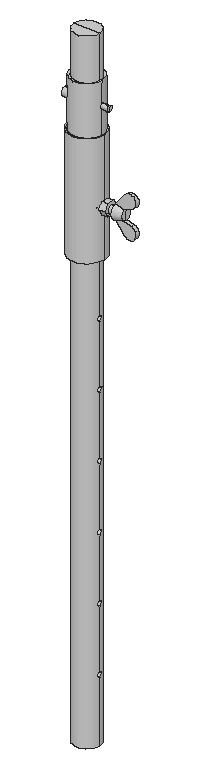
Revit family "EHL_EXTENDING LEDGER_2211172", category Modelos genéricos, Revit 2018
Family settings
  Puede alojar armadura = No
  Cota de conector redondo = Diámetro de uso
  Tipo de pieza = Normal
  Número OmniClass = 35.51.14.00
  Título OmniClass = FORMWORK
  Se basa en plano de trabajo = Sí
  Siempre vertical = No
  Corte con vacíos al cargar = No
  Compartido = Sí
  Punto de cálculo de habitación = No
Parameters
  VERSION = "20170217"  # constant formula
  URL = "www.ulmaconstruction.com/en"
  UNICLASS = ""
  Fabricante = "ULMA CONSTRUCTION"  # constant formula
  LENGTH [instance] = 0.000 mm
  ITEM_LENGTH [instance] = if(LENGTH = 0.000 mm, 0.000 mm, if(LENGTH < 100.000 mm, 100.000 mm, if(LENGTH < 200.000 mm, 200.000 mm, if(LENGTH < 300.000 mm, 300.000 mm, if(LENGTH < 400.000 mm, 400.000 mm, if(LENGTH < 500.000 mm, 500.000 mm, if(LENGTH < 600.000 mm, 600.000 mm, if(LENGTH < 700.000 mm, 700.000 mm, 800.000 mm))))))))  # 0.000 mm
  ITEM_CODE = "2211172"
  FILTER [instance] = ""
  Default Elevation = 0.000 mm
  CLASSIFICATION_TITLE = ""
  CLASSIFICATION_NUMBER = ""
Reference planes
  plane 1 "Centro (Frontal/Posterior)": y = 0
  plane 2: z = 0
  plane 3 "Centro (Izquierda/Derecha)": x = 0
  plane 4 "TUBE LENGTH 1": z = 165
  plane 5 "ITEM_LENGTH": z = 65
  plane 6 "HOLE 2": z = -35
  plane 7 "HOLE 3": z = -135
  plane 8 "HOLE 4": z = -235
  plane 9 "HOLE 5": z = -335
  plane 10 "HOLE 6": z = -435
  plane 11 "HOLE 7": z = -535
  plane 12 "HOLE 8": z = -635
  plane 13 "HOLE 9": z = -735
  plane 14 "TUBE LENGTH": z = -835
  plane 15 "LENGTH": z = 65
  plane 16 "0": z = 65
Forms (mm)
  Revolve 1, solid, material "ULMA ZINC", detail levels fine
    sketch origin (0, 0, -476.25) x (1, 0, 0) y (0, 0, 1)
      loop
        line (20, 641.25) -> (0, 641.25) -> (0, -358.75) -> (20, -358.75) -> (20, 641.25)
      axis (0, 641.25) -> (0, -358.75)
    angle from 0 to 360
  Revolve 2, solid, material "ULMA ZINC", not visible, detail levels fine
    sketch origin (0, 0, 77.242) x (1, 0, 0) y (0, 0, 1)
      loop
        line (20, 641.25) -> (0, 641.25) -> (0, -358.75) -> (20, -358.75) -> (20, 641.25)
      axis (0, 641.25) -> (0, -358.75)
    angle from 0 to 360
  Extrusion 3, solid, material "ULMA ZINC", detail levels fine
    sketch origin (0, 0, 0) x (1, 0, 0) y (0, 1, 0)
      loop
        circle (0, 0) r 24
      loop
        circle (0, 0) r 21
    from 0 to 100
  Extrusion 4, solid, material "ULMA ZINC", detail levels fine
    sketch origin (0, 0, 0) x (1, 0, 0) y (0, 1, 0)
      loop
        circle (0, 0) r 27.5
      loop
        circle (0, 0) r 25.5
    from -150 to 25
  Extrusion 5, void
    sketch origin (0, 0, -260) x (0, 1, 0) y (0, 0, 1)
      loop
        circle (0, 325) r 4.5
      loop
        circle (0, 225) r 4.5
      loop
        circle (0, 125) r 4.5
      loop
        circle (0, 25) r 4.5
      loop
        circle (0, -75) r 4.5
      loop
        circle (0, -175) r 4.5
      loop
        circle (0, -275) r 4.5
      loop
        circle (0, -375) r 4.5
      loop
        circle (0, -475) r 4.5
    from -20 to 20
  Extrusion 6, void, not visible
    sketch origin (0, 0, 293.492) x (0, 1, 0) y (0, 0, 1)
      loop
        circle (0, 325) r 4.5
      loop
        circle (0, 225) r 4.5
      loop
        circle (0, 125) r 4.5
      loop
        circle (0, 25) r 4.5
      loop
        circle (0, -75) r 4.5
      loop
        circle (0, -175) r 4.5
      loop
        circle (0, -275) r 4.5
      loop
        circle (0, -375) r 4.5
      loop
        circle (0, -475) r 4.5
    from -20 to 20
  Revolve 7, solid, material "ULMA ZINC", detail levels coarse+medium
    sketch origin (0, 0, -876.25) x (1, 0, 0) y (0, 0, 1)
      loop
        line (20, 1041.25) -> (0, 1041.25) -> (0, 41.25) -> (20, 41.25) -> (20, 1041.25)
      axis (0, 1041.25) -> (0, 41.25)
    angle from 0 to 360
  Revolve 8, solid, material "ULMA ZINC", not visible, detail levels coarse+medium
    sketch origin (0, 0, -322.758) x (1, 0, 0) y (0, 0, 1)
      loop
        line (20, 1041.25) -> (0, 1041.25) -> (0, 41.25) -> (20, 41.25) -> (20, 1041.25)
      axis (0, 1041.25) -> (0, 41.25)
    angle from 0 to 360
  Revolve 9, solid, material "ULMA ZINC", detail levels fine
    sketch origin (0, 0, -900) x (1, 0, 0) y (0, 0, 1)
      loop
        line (61.5, 825) -> (61.5, 832.931) -> (47.5, 836.5) -> (47.5, 831) -> (17.5, 831) -> (17.5, 825) -> (61.5, 825)
      axis (61.5, 825) -> (17.5, 825)
    angle from 0 to 360
  Extrusion 10, solid, material "ULMA ZINC", detail levels fine
    sketch origin (0, 0, -900) x (1, 0, 0) y (0, 0, 1)
      loop
        line (61.87, 853.464) -> (47.5, 836.5) -> (58.501, 833.695) -> (72.091, 837.342)
        arc (72.091, 837.342) -> (77.946, 852.355) -> (61.87, 853.464) r 10
      loop
        line (72.091, 812.658) -> (58.501, 816.305) -> (47.5, 813.5) -> (61.87, 796.536)
        arc (61.87, 796.536) -> (77.946, 797.645) -> (72.091, 812.658) r 10
    from -2.5 to 2.5
  Extrusion 11, solid, material "ULMA ZINC", detail levels fine
    sketch origin (0, 0, -900) x (0, 1, 0) y (0, 0, 1)
      loop
        line (-10.55, 825) -> (-5.065, 815.5) -> (5.065, 815.5) -> (10.55, 825) -> (5.065, 834.5) -> (-5.065, 834.5) -> (-10.55, 825)
    from 27.5 to 37.5
  Extrusion 12, solid, material "ULMA ZINC", not visible, detail levels fine
    sketch origin (0, 0, 0) x (1, 0, 0) y (0, 1, 0)
      loop
        circle (0, 0) r 24
      loop
        circle (0, 0) r 21
    from 0 to 100
  Extrusion 13, solid, material "ULMA ZINC", not visible, detail levels fine
    sketch origin (0, 0, 0) x (1, 0, 0) y (0, 1, 0)
      loop
        circle (0, 0) r 27.5
      loop
        circle (0, 0) r 25.5
    from -150 to 25
  Revolve 14, solid, material "ULMA ZINC", not visible, detail levels fine
    sketch origin (0, 0, -900) x (1, 0, 0) y (0, 0, 1)
      loop
        line (61.5, 825) -> (61.5, 832.931) -> (47.5, 836.5) -> (47.5, 831) -> (17.5, 831) -> (17.5, 825) -> (61.5, 825)
      axis (61.5, 825) -> (17.5, 825)
    angle from 0 to 360
  Extrusion 15, solid, material "ULMA ZINC", not visible, detail levels fine
    sketch origin (0, 0, -900) x (1, 0, 0) y (0, 0, 1)
      loop
        line (61.87, 853.464) -> (47.5, 836.5) -> (58.501, 833.695) -> (72.091, 837.342)
        arc (72.091, 837.342) -> (77.946, 852.355) -> (61.87, 853.464) r 10
      loop
        line (72.091, 812.658) -> (58.501, 816.305) -> (47.5, 813.5) -> (61.87, 796.536)
        arc (61.87, 796.536) -> (77.946, 797.645) -> (72.091, 812.658) r 10
    from -2.5 to 2.5
  Extrusion 16, solid, material "ULMA ZINC", not visible, detail levels fine
    sketch origin (0, 0, -900) x (0, 1, 0) y (0, 0, 1)
      loop
        line (-10.55, 825) -> (-5.065, 815.5) -> (5.065, 815.5) -> (10.55, 825) -> (5.065, 834.5) -> (-5.065, 834.5) -> (-10.55, 825)
    from 27.5 to 37.5
  Revolve 17, solid, material "ULMA ZINC", detail levels fine
    sketch origin (0, 0, -900) x (-1, 0, 0) y (0, 0, 1)
      loop
        line (34, 965) -> (34, 971.5) -> (24, 971.5) -> (24, 969) -> (-36, 969) -> (-36, 965) -> (34, 965)
      axis (34, 965) -> (-36, 965)
    angle from 0 to 360
  Revolve 18, solid, material "ULMA ZINC", not visible, detail levels fine
    sketch origin (0, 0, -900) x (-1, 0, 0) y (0, 0, 1)
      loop
        line (34, 965) -> (34, 971.5) -> (24, 971.5) -> (24, 969) -> (-36, 969) -> (-36, 965) -> (34, 965)
      axis (34, 965) -> (-36, 965)
    angle from 0 to 360
Cuts and joins
  Extrusion 5 cuts Revolve 1
  Extrusion 5 cuts Extrusion 3
  Extrusion 5 cuts Extrusion 4
Dimensions and locks
  locked: Revolve 1 to plane 4 "TUBE LENGTH 1" at 1000
  plane 4 "TUBE LENGTH 1" to plane 5 "ITEM_LENGTH" to plane 6 "HOLE 2" to plane 7 "HOLE 3" to plane 8 "HOLE 4" to plane 9 "HOLE 5" to plane 10 "HOLE 6" to plane 11 "HOLE 7" to plane 12 "HOLE 8" to plane 13 "HOLE 9" = 100.000 mm locked, 100.000 mm locked, 100.000 mm locked, 100.000 mm locked, 100.000 mm locked, 100.000 mm locked, 100.000 mm locked, 100.000 mm locked, 100.000 mm locked
  locked: plane 4 "TUBE LENGTH 1" to plane 14 "TUBE LENGTH" at 1000
  plane 16 "0" to level = 65.000 mm
  "ITEM_LENGTH": plane 5 "ITEM_LENGTH" to plane 16 "0"
  "LENGTH": plane 15 "LENGTH" to plane 16 "0"
  aligned and locked: level to plane 2
  aligned and locked: plane 4 "TUBE LENGTH 1" to Revolve 1
  aligned and locked: plane 4 "TUBE LENGTH 1" to Revolve 7
  aligned and locked: plane 14 "TUBE LENGTH" to Revolve 7
Automatic sketch dimensions
  Extrusion 3 sketch curve to Extrusion 3 sketch curve = 0.000 mm  (x4)
  Extrusion 4 sketch curve to Extrusion 4 sketch curve = 0.000 mm  (x4)
  Revolve 9 sketch curve to Revolve 9 sketch curve = 30.000 mm
  Revolve 9 sketch curve to Revolve 9 sketch curve = 14.000 mm
  Revolve 9 sketch curve to Revolve 9 sketch curve = 6.000 mm  (x2)
  Revolve 9 sketch curve to Revolve 9 sketch curve = 7.931 mm
  Revolve 9 sketch curve to Revolve 9 sketch curve = 5.500 mm
  Revolve 9 sketch curve to Revolve 9 sketch curve = 10.000 mm
  Revolve 9 sketch curve to Revolve 9 sketch curve = 4.000 mm
  Extrusion 11 sketch curve to Extrusion 11 sketch curve = 9.500 mm  (x3)
  Extrusion 5 sketch curve to Extrusion 5 sketch curve = 0.000 mm  (x8)
  Extrusion 5 sketch curve to Extrusion 5 sketch curve = 100.000 mm  (x8)
  Revolve 7 sketch curve to Revolve 7 sketch curve = 20.000 mm
  Revolve 7 sketch curve to Revolve 7 sketch curve = 1000.000 mm
  Revolve 7 sketch curve to Revolve 7 sketch curve = 0.000 mm
  Revolve 7 sketch curve to Revolve 7 sketch curve = 438.750 mm
  Revolve 7 sketch curve to Revolve 7 sketch curve = 55.000 mm
  Extrusion 6 sketch curve to Extrusion 6 sketch curve = 0.000 mm  (x8)
  Extrusion 6 sketch curve to Extrusion 6 sketch curve = 100.000 mm  (x8)
  Revolve 8 sketch curve to Revolve 8 sketch curve = 20.000 mm
  Revolve 8 sketch curve to Revolve 8 sketch curve = 1000.000 mm
  Revolve 8 sketch curve to Revolve 8 sketch curve = 0.000 mm
  Revolve 8 sketch curve to Revolve 8 sketch curve = 438.750 mm
  Revolve 8 sketch curve to Revolve 8 sketch curve = 55.000 mm
  Extrusion 10 sketch curve to Extrusion 10 sketch curve = 11.001 mm  (x2)
  Extrusion 10 sketch curve to Extrusion 10 sketch curve = 3.369 mm  (x2)
  Extrusion 10 sketch curve to Extrusion 10 sketch curve = 7.630 mm  (x2)
  Extrusion 10 sketch curve to Extrusion 10 sketch curve = 2.591 mm  (x2)
  Extrusion 10 sketch curve to Extrusion 10 sketch curve = 16.964 mm
  Extrusion 10 sketch curve to Extrusion 10 sketch curve = 2.805 mm  (x2)
  Extrusion 10 sketch curve to Extrusion 10 sketch curve = 24.683 mm
  Extrusion 10 sketch curve to Extrusion 10 sketch curve = 9.658 mm
  Extrusion 10 sketch curve to Extrusion 10 sketch curve = 14.370 mm
  Extrusion 10 sketch curve to Extrusion 10 sketch curve = 3.646 mm  (x2)
  Extrusion 11 sketch curve to Extrusion 11 sketch curve = 5.485 mm  (x3)
  Extrusion 11 sketch curve to Extrusion 11 sketch curve = 10.130 mm  (x2)
  Extrusion 12 sketch curve to Extrusion 12 sketch curve = 0.000 mm  (x4)
  Extrusion 13 sketch curve to Extrusion 13 sketch curve = 0.000 mm  (x4)
  Revolve 14 sketch curve to Revolve 14 sketch curve = 30.000 mm
  Revolve 14 sketch curve to Revolve 14 sketch curve = 14.000 mm
  Revolve 14 sketch curve to Revolve 14 sketch curve = 6.000 mm  (x2)
  Revolve 14 sketch curve to Revolve 14 sketch curve = 7.931 mm
  Revolve 14 sketch curve to Revolve 14 sketch curve = 5.500 mm
  Revolve 14 sketch curve to Revolve 14 sketch curve = 10.000 mm
  Revolve 14 sketch curve to Revolve 14 sketch curve = 4.000 mm
  Extrusion 16 sketch curve to Extrusion 16 sketch curve = 9.500 mm  (x3)
  Extrusion 15 sketch curve to Extrusion 15 sketch curve = 11.001 mm  (x2)
  Extrusion 15 sketch curve to Extrusion 15 sketch curve = 3.369 mm  (x2)
  Extrusion 15 sketch curve to Extrusion 15 sketch curve = 7.630 mm  (x2)
  Extrusion 15 sketch curve to Extrusion 15 sketch curve = 2.591 mm  (x2)
  Extrusion 15 sketch curve to Extrusion 15 sketch curve = 16.964 mm
  Extrusion 15 sketch curve to Extrusion 15 sketch curve = 2.805 mm  (x2)
  Extrusion 15 sketch curve to Extrusion 15 sketch curve = 24.683 mm
  Extrusion 15 sketch curve to Extrusion 15 sketch curve = 9.658 mm
  Extrusion 15 sketch curve to Extrusion 15 sketch curve = 14.370 mm
  Extrusion 15 sketch curve to Extrusion 15 sketch curve = 3.646 mm  (x2)
  Extrusion 16 sketch curve to Extrusion 16 sketch curve = 5.485 mm  (x3)
  Extrusion 16 sketch curve to Extrusion 16 sketch curve = 10.130 mm  (x2)
  Revolve 17 sketch curve to Revolve 17 sketch curve = 60.000 mm
  Revolve 17 sketch curve to Revolve 17 sketch curve = 10.000 mm
  Revolve 17 sketch curve to Revolve 17 sketch curve = 4.000 mm  (x2)
  Revolve 17 sketch curve to Revolve 17 sketch curve = 2.500 mm
  Revolve 17 sketch curve to Revolve 17 sketch curve = 8.199 mm
  Revolve 17 sketch curve to Revolve 17 sketch curve = 1.534 mm
  radius of Extrusion 3 sketch curve = 24.000 mm
  radius of Extrusion 3 sketch curve = 21.000 mm
  radius of Extrusion 4 sketch curve = 27.500 mm
  radius of Extrusion 4 sketch curve = 25.500 mm
  radius of Extrusion 5 sketch curve = 4.500 mm  (x9)
  radius of Extrusion 6 sketch curve = 4.500 mm  (x9)
  radius of Extrusion 12 sketch curve = 24.000 mm
  radius of Extrusion 12 sketch curve = 21.000 mm
  radius of Extrusion 13 sketch curve = 27.500 mm
  radius of Extrusion 13 sketch curve = 25.500 mm
